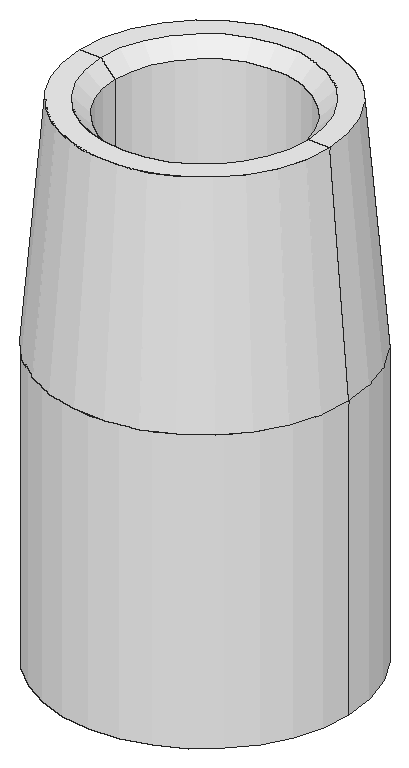
Revit family "PRD_FrankeWS_ShwrHds_ShowerJetNozzle_AQRM706_AQRM707", category Specialty Equipment, Revit 2018
Family settings
  Round Connector Dimension = Use Diameter
  Part Type = Normal
  OmniClass Number = 23.45.05.14.17
  OmniClass Title = Showers
  Work Plane-Based = Yes
  Always vertical = Yes
  Cut with Voids When Loaded = No
  Shared = No
  Room Calculation Point = No
Parameters (values of type "AQRM706")
  WarrantyStartDate [instance] = "1900-12-31T23:59:59"
  WarrantyGuarantorParts = "n/a"
  WarrantyGuarantorLabor = "n/a"
  WarrantyDurationUnit = "year"
  WarrantyDurationParts = "n/a"
  WarrantyDurationLabor = "n/a"
  WarrantyDescription = "n/a"
  VolumeFlowRate = "0.15 l/s at 3 bar"
  Version = "1"
  Uniclass2015Version = "Products v1.23"
  Uniclass2015Title = "Shower heads"
  Uniclass2015Code = "Pr_40_20_87_76"
  URL = "www.kwc.com"
  TypeOfShowerHead = "Jet shower head"
  TypeOfConnection = "Cantilever connection"
  Type = "Shower head"
  TailorMade = "No"
  TagNumber [instance] = "n/a"
  SustainabilityPerformance = "n/a"
  SpoutProjection = "n/a"
  SoundInsulation = "No"
  Size = "n/a"
  ShowerType = "Individual"
  ShowerHeadDescription = "Jet shower head"
  MinimumFlowPressure = "1.50 bar"
  InletSize = "DN 15"
  DiameterNominal = 15.0 mm
  BodyMaterial = PRD_AR_ChromatedBrass_HighPolished
  Shape = "n/a"
  SerialNumber [instance] = "n/a"
  Revision = "n/a"
  ReplacementCost = "n/a"
  ProductInformation = "https://pim.kwc.com/product/2000100899/attachment/datasheet?locale=en"
  ProductCode = "210.0636.617"
  NominalWidth = 30 mm
  NominalHeight = 52 mm
  NominalDepth = 30 mm
  NetWeight = 0.13 kg
  Name = "Shower jet nozzle AQRM706"
  NBSTypeID = "n/a"
  NBSReference = "45-35-70/333"
  NBSOfficeMasterTag = "n/a"
  NBSNote = "n/a"
  NBSDescription = "Shower heads"
  NBSCertification = "n/a"
  ModelReference = "AQRM706"
  ModelNumber = "2000100899"
  Model = ModelReference  # "AQRM706"
  Material = "brass"
  ManufacturerURL = "www.kwc.com"
  ManufacturerName = "KWC Group AG"  # constant formula
  Manufacturer = ManufacturerName  # "KWC Group AG"
  IntegralAccessories = "n/a"
  InstallationDate [instance] = "1900-12-31T23:59:59"
  IfcExportType = "SHOWER"
  IfcExportAs = "IfcSanitaryTerminalType"
  HasTray = "FALSE"
  GrossWeight = 0.14 kg
  Grade = "n/a"
  Finish = "polished chromium-plated"
  Features = "flow controller 9.0 l/min"
  ExpectedLife = "n/a"
  DurationUnit = "year"
  DrainSize = 15 mm
  Description = "Jet shower head DN 15, polished chromium-plated brass, connection G 1/2. With flow controller 9.0 l/min."
  Default Elevation = 1219.2 mm
  CreatedOn = "04/2022"  # constant formula
  Constituents = "n/a"
  Color = "n/a"
  CodePerformance = "n/a"
  Category = "Pr_40_20_87_76, Shower heads"
  BarCode [instance] = "n/a"
  BIMObjectName = "PRD_AR_ShowerHeads_ShowerJetNozzle_AQRM706"
  Author = "Archispace"  # constant formula
  AssetType = "Fixed"
  AssetIdentifier [instance] = "n/a"
  AdjustableTiltAngle = "No"
  AccessibilityPerformance = "n/a"
Types (2, lengths in mm): name | VolumeFlowRate | ProductInformation | ProductCode | Name | ModelReference | ModelNumber | Model | Features | Description | BIMObjectName
  AQRM706 | "0.15 l/s at 3 bar" | "https://pim.kwc.com/product/2000100899/attachment/datasheet?locale=en" | "210.0636.617" | "Shower jet nozzle AQRM706" | "AQRM706" | "2000100899" | "AQRM706" | "flow controller 9.0 l/min" | "Jet shower head DN 15, polished chromium-plated brass, connection G 1/2. With flow controller 9.0 l/min." | "PRD_AR_ShowerHeads_ShowerJetNozzle_AQRM706"
  AQRM707 | "0.20 l/s at 3 bar" | "https://pim.kwc.com/product/2000100900/attachment/datasheet?locale=en" | "210.0636.618" | "Shower jet nozzle AQRM707" | "AQRM707" | "2000100900" | "AQRM707" | "flow controller 12.0 l/min" | "Jet shower head DN 15, polished chromium-plated brass, connection G 1/2. With flow controller 12.0 l/min." | "PRD_AR_ShowerHeads_ShowerJetNozzle_AQRM707"
Reference planes
  plane 1 "Center (Front/Back)": y = 0
  plane 2: z = 0
  plane 3 "Center (Left/Right)": x = 0
Forms (mm)
  Revolve 1, solid, material "PRD_AR_ChromatedBrass_HighPolished" <- "BodyMaterial", detail levels fine
    sketch origin (0, 0, 0) x (1, 0, 0) y (0, 0, 1)
      loop
        line (0, -11.5) -> (-9.315, -11.5) -> (-9.315, -1.5) -> (-10.815, 0) -> (-13, 0) -> (-15, -22.86) -> (-15, -52) -> (-12.5, -52) -> (-11.934, -51.434) -> (-7.144, -51.434)
        arc (-7.144, -51.434) -> (-6.474, -51.177) -> (-6.149, -50.539) r 1
        line (-6.149, -50.539) -> (-4.043, -30.5) -> (0, -30.5) -> (0, -11.5)
      axis (0, 0) -> (0, -52)
    angle from 0 to 360
  Revolve 2, solid, material "PRD_AR_ChromatedBrass_HighPolished" <- "BodyMaterial", detail levels medium
    sketch origin (0, 0, 0) x (1, 0, 0) y (0, 0, 1)
      loop
        line (0, -52) -> (0, 0) -> (-13, 0) -> (-15, -22.86) -> (-15, -52) -> (0, -52)
      axis (0, 0) -> (0, -52)
    angle from 0 to 360
  Revolve 3, solid, material "PRD_AR_ChromatedBrass_HighPolished" <- "BodyMaterial", detail levels coarse
    sketch origin (0, 0, 0) x (1, 0, 0) y (0, 0, 1)
      loop
        line (0, -52) -> (0, 0) -> (-15, 0) -> (-15, -52) -> (0, -52)
      axis (0, 0) -> (0, -52)
    angle from 0 to 360
Dimensions and locks
  aligned and locked: level to plane 2
